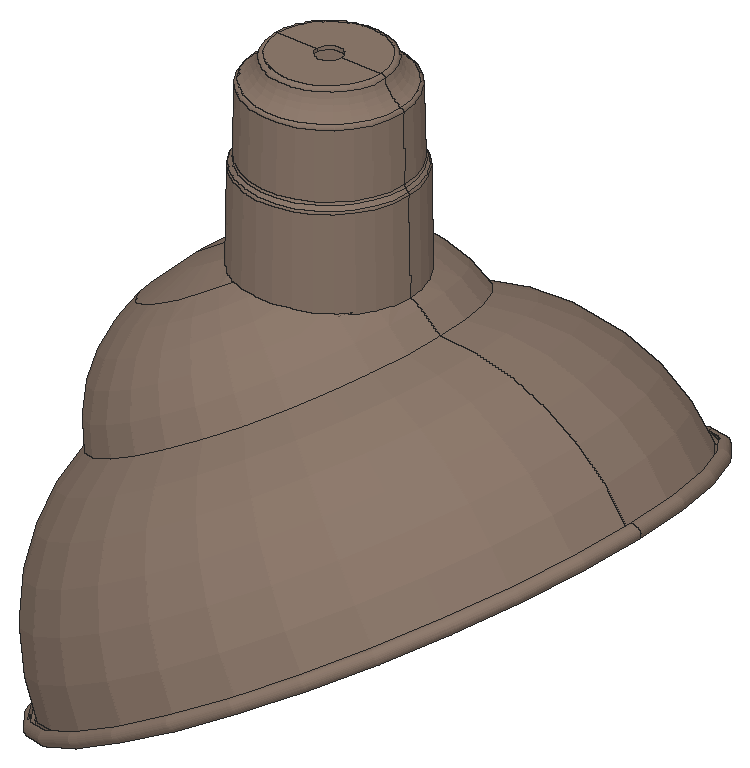
Revit family "M712", category Generic Models, Revit 2017
Family settings
  Can host rebar = No
  Round Connector Dimension = Use Diameter
  Part Type = Normal
  Work Plane-Based = No
  Always vertical = Yes
  Cut with Voids When Loaded = No
  Shared = No
  Room Calculation Point = No
Parameters
  M712 = Default
Reference planes (in)
  plane 1 "Center (Front/Back)": y = 0
  plane 2: z = 0
  plane 3 "Center (Left/Right)": x = 0
Forms (in)
  Revolve 1, solid, material "Default" <- "M712"
    sketch origin (-18.80297, 0, -34.8178) x (1, 0, 0) y (0, 0, 1)
      loop
        arc (15.43712, 47.06504) -> (14.85585, 45.88431) -> (14.89495, 44.56884) r 2.72826
        arc (14.89495, 44.56884) -> (14.16674, 42.41842) -> (14.63712, 40.19731) r 4.29306
        arc (14.63712, 40.19731) -> (14.65511, 40.09928) -> (14.61556, 40.0078) r 0.17151
        arc (14.61556, 40.0078) -> (14.50962, 40.03918) -> (14.541, 40.14512) r 0.07813
        line (14.541, 40.14512) -> (14.51118, 40.20004)
        arc (14.51118, 40.20004) -> (14.45779, 40.00395) -> (14.65605, 39.95929) r 0.14063
        arc (14.65605, 39.95929) -> (14.71654, 40.08684) -> (14.69267, 40.22596) r 0.23401
        arc (14.69267, 40.22596) -> (14.23001, 42.42924) -> (14.9631, 44.55788) r 4.23056
        arc (14.9631, 44.55788) -> (14.91382, 45.85657) -> (15.48444, 47.02421) r 2.66576
        arc (15.48444, 47.02421) -> (16.1543, 47.65801) -> (16.92703, 48.1613) r 5.11772
        line (16.92703, 48.1613) -> (16.89721, 48.21623)
        arc (16.89721, 48.21623) -> (16.11509, 47.70668) -> (15.43712, 47.06504) r 5.18022
      axis (19.84936, 42.77903) -> (16.89721, 48.21623)
    angle from 0 to 360
  Revolve 2, solid, material "Default" <- "M712"
    sketch origin (-18.80297, 0, -34.8178) x (1, 0, 0) y (0, 0, 1)
      loop
        arc (17.75272, 52.26908) -> (17.69711, 52.24984) -> (17.66527, 52.20034) r 0.09
        arc (17.66527, 52.20034) -> (17.54853, 51.9606) -> (17.34262, 51.79118) r 0.62612
        arc (17.34262, 51.79118) -> (17.30728, 51.75866) -> (17.2937, 51.71259) r 0.09
        line (17.2937, 51.71259) -> (17.27221, 50.42324)
        arc (17.27221, 50.42324) -> (17.26736, 50.39557) -> (17.25422, 50.37074) r 0.09
        line (17.25422, 50.37074) -> (17.19547, 50.29241)
        arc (17.19547, 50.29241) -> (17.18233, 50.26758) -> (17.17749, 50.23991) r 0.09
        line (17.17749, 50.23991) -> (17.14941, 48.33045) -> (17.21192, 48.33045) -> (17.24011, 50.24776) -> (17.33388, 50.37278) -> (17.35647, 51.72826)
        arc (17.35647, 51.72826) -> (17.5992, 51.92392) -> (17.73076, 52.20658) r 0.68862
        line (17.73076, 52.20658) -> (18.55297, 52.20658) -> (18.55297, 52.26908) -> (17.75272, 52.26908)
      axis (18.80297, 52.26908) -> (18.80297, 48.33045)
    angle from 0 to 360
  Revolve 3, void
    sketch origin (0, 0, 0) x (1, 0, 0) y (0, 0, 1)
      loop
        line (0, 14.0834) -> (-1.58205, 14.0834) -> (-1.59271, 13.40303) -> (0, 13.40303) -> (0, 14.0834)
      axis (0, 14.0834) -> (0, 13.40303)
    angle from 0 to 360
Cuts and joins
  Revolve 3 cuts Revolve 1
Dimensions and locks (in)
  aligned and locked: plane 2 to level
